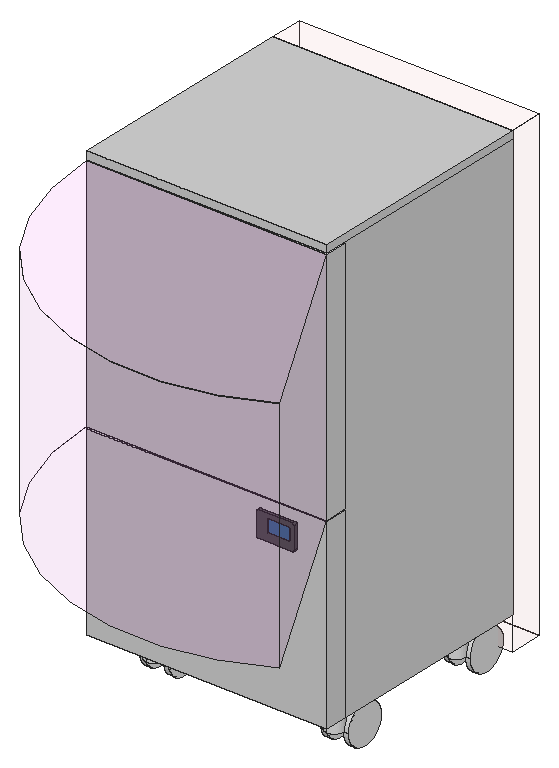
Revit family "Normann_ENTRY_ETR10A-R290", category Attrezzature speciali, Revit 2021
Family settings
  Quota connettore circolare = Usa diametro
  Tipo di parte = Normale
  Basato su piano di lavoro = No
  Sempre verticale = Sì
  Taglio con vuoti quando caricato = No
  Condiviso = No
  Punto di calcolo locali = No
Parameters (values of type "ENTRY10 AIR, R290, 220-240/1N/50, EVJ805, RHH, WHEELS")
  Yield per shock freezing cycle test time (EN22042) - min = 264
  Yield per shock freezing cycle energy consumed (EN22042) - kWh/kg = 0.286
  Yield per shock freezing cycle consuption (EN22042) - kWh = 4
  Yield per shock freezing cycle +65/-18°C (EN22042) - kg = 17
  Yield per shock freezing cycle (+90/-18°C) - kg = 22
  Yield per blast chiling cycle test time (EN22042) - min = 96
  Yield per blast chiling cycle energy consumed (EN22042) - kWh/kg = 0.099
  Yield per blast chiling cycle consumption (EN22042) - kWh = 2
  Yield per blast chiling cycle +65/+10°C (EN22042) - kg = 27
  Yield per blast chiling cycle (+90°C/+3°C) - kg = 32
  Wheel_Feet = yes
  Wheel = Wheel_Feet  # yes
  URL Manufacturer = "https://www.normann.it"
  Tray quantity GN2/3 h65mm = 0
  Tray quantity EN1-GN1/1 h65mm = 0
  Tray quantity EN1-GN1/1 h40mm = 0
  Tray quantity EN1-GN1/1 h20mm = 0
  Tray number = 10
  Tray Type = "GN1/1 e EN1"
  Temperature range - °C = "-40/+3"
  Suction line diameter - mm = 0 mm
  Show_Clearance [instance] = yes
  Refrigeration Climate Class = 4
  Refrigerant gas = "R290"
  Default Elevation = 0 mm
  built-in parameter 1010108 = ""
  Power Supply (Volts/Ph/Hz) = "220-240/1N/50"
  Packing volume - m3 = 0.9
  Packaging length actual - mm = 730 mm
  Packaging height actual - mm = 1555 mm
  Packaging depth actual - mm = 755 mm
  Optional = "CORE PROBE"
  Net Weight kg = 124
  Model Series = "Entry"
  Model Category = "Blast chiller reach-in"
  Max power warm cycle - W = 0
  Max power cold cycle - W = 1531
  Max current warm cycle - A = 0
  Max current cold cycle - A = 6.13
  Mat_Grid = Acciaio inox, spazzolato
  Mat_Frame = Acciaio inox, spazzolato
  Manufacturer = "Normann"
  Liquid line diameter - mm = 0 mm
  Length Actual = 715 mm
  Internal length actual - mm = 615 mm
  Internal height actual - mm = 775 mm
  Internal depth actual - mm = 417 mm
  Ice cream pan 5l quantity (360x165x120mm) = 15
  ID = "5A1D1D3B1-10A2D"
  Height_Door = 710 mm
  Height_Feet_Actual = if(Wheel_Feet, 100 mm, H_Feet_Limits)  # 100 mm
  Height Actual = 1396 mm
  H_Feet_Limits = if(Height_Feet_100to160 < 100 mm, 100 mm, if(Height_Feet_100to160 > 160 mm, 160 mm, Height_Feet_100to160))  # 125 mm
  Gross Weight kg = 139
  GWP = 3
  Feet = not(Wheel_Feet)  # no
  Door_SX = not(Door Side R_L)  # yes
  Door_DX = Door Side R_L  # no
  OffSet_Display = 68 mm
  Height_Feet_100to160 = 125 mm
  Door Side R_L = no
  Depth Body = 695 mm
  Depth Actual = 695 mm
  Controller = "EVJ805"
  Condensation = "AIR"
  Capacity internal - L = 199
  Asset Identifier = "ETR10A-R290"
Reference planes
  plane 1 "Retro": y = 0
  plane 2: z = 0
  plane 3 "Sinistra": x = 0
  plane 4: x = 202.5
  plane 5: x = 357.5
  plane 6: x = 512.5
  plane 7: x = 715
  plane 8: x = 88
  plane 9: x = 627
  plane 10: y = -100
  plane 11: y = -347.5
  plane 12: y = -555
  plane 13: y = -625
  plane 14: y = -695
  plane 15: y = -695
  plane 16: z = 100
  plane 17: z = 1373
  plane 18: z = 585
  plane 19: z = 1396
  plane 20: z = 1368
  plane 21: z = 653
  plane 22: z = 658
  plane 23: z = 36
  plane 24: y = 100
  plane 25 "Linee di taglio": y = -705
Forms (mm)
  Extrusion 1, solid, material "Acciaio inox, spazzolato" <- "Mat_Frame"
    sketch origin (0, 0, 0) x (1, 0, 0) y (0, 1, 0)
      loop
        line (0, 0) -> (0, -695) -> (715, -695) -> (715, 0) -> (0, 0)
    from 1373 to 1396
  Extrusion 2, solid, material "Acciaio inox, spazzolato" <- "Mat_Frame"
    sketch origin (0, 0, 0) x (1, 0, 0) y (0, 1, 0)
      loop
        line (0, 0) -> (0, -625) -> (715, -625) -> (715, 0) -> (0, 0)
    from 100 to 1373
  Extrusion 3, solid, material "Acciaio inox, spazzolato" <- "Mat_Grid"
    sketch origin (0, 0, 0) x (1, 0, 0) y (0, 1, 0)
      loop
        line (0, -625) -> (0, -695) -> (715, -695) -> (715, -625) -> (0, -625)
    from 100 to 653
  Extrusion 4, solid, material "Acciaio inox, spazzolato" <- "Mat_Frame"
    sketch origin (0, 0, 0) x (1, 0, 0) y (0, 1, 0)
      loop
        line (0, -625) -> (0, -695) -> (715, -695) -> (715, -625) -> (0, -625)
    from 658 to 1368
  Extrusion 5, solid, material "Acciaio inox, spazzolato" <- "Mat_Frame"
    sketch origin (0, 0, 0) x (1, 0, 0) y (0, 1, 0)
      loop
        line (202.5, -100) -> (202.5, -555) -> (512.5, -555) -> (512.5, -100) -> (202.5, -100)
    from 36 to 100
  Extrusion 6, solid, material "QF_Finishes_Clearance", visible <- "Show_Clearance"
    sketch origin (0, 0, 0) x (1, 0, 0) y (0, 1, 0)
      loop
        line (0, 100) -> (0, 0) -> (715, 0) -> (715, 100) -> (0, 100)
    from 0 to 1396
  Extrusion 7, solid, material "Acciaio inox, spazzolato" <- "Mat_Frame"
    sketch origin (0, 0, 0) x (1, 0, 0) y (0, 0, 1)
      loop
        line (88, 130) -> (88, 160) -> (58, 160) -> (58, 130) -> (88, 130)
    from -1.043 to 0
  Extrusion 8, solid, material "Acciaio inox, spazzolato" <- "Mat_Frame"
    sketch origin (0, 0, 0) x (1, 0, 0) y (0, 0, 1)
      loop
        circle (627, 154.579) r 10
    from -6.778 to 0
Dimensions and locks
  equal spacing: plane 14, plane 11, plane 1 "Retro"
  "Depth Body": plane 14 to plane 1 "Retro"
  equal spacing: plane 3 "Sinistra", plane 5, plane 7
  "Length Actual": plane 3 "Sinistra" to plane 7
  locked: plane 3 "Sinistra" to plane 8 at 88
  locked: plane 9 to plane 7 at 88
  plane 4 to plane 5 to plane 6 = 155 mm locked, 155 mm locked
  plane 10 to plane 1 "Retro" = 100 mm
  plane 12 to plane 13 to plane 14 = 70 mm locked, 70 mm locked
  "Depth Actual": plane 15 to plane 1 "Retro"
  "Height Actual": plane 2 to plane 19
  locked: plane 17 to plane 19 at 23
  locked: plane 20 to plane 17 at 5
  "OffSet_Display": plane 21 to plane 18
  "Height_Feet_Actual": plane 2 to plane 16
  plane 16 to plane 21 = 553 mm
  locked: plane 21 to plane 22 at 5
  locked: plane 23 to plane 16 at 64
  locked: plane 1 "Retro" to plane 24 at 100
  "Height_Door": plane 20 to plane 22
  locked: plane 25 "Linee di taglio" to nested 7 at 10
  aligned and locked: level to plane 2
  aligned and locked: plane 1 "Retro" to Extrusion 1 sketch curve
  aligned and locked: plane 3 "Sinistra" to Extrusion 1 sketch curve
  aligned and locked: plane 7 to Extrusion 1 sketch curve
  aligned and locked: plane 14 to Extrusion 1 sketch curve
  aligned and locked: Extrusion 1 to plane 19
  aligned and locked: plane 17 to Extrusion 1
  aligned and locked: Extrusion 2 sketch curve to Extrusion 1  (x2)
  aligned and locked: Extrusion 2 sketch curve to plane 13
  aligned and locked: plane 7 to Extrusion 2 sketch curve
  aligned and locked: Extrusion 3 sketch curve to Extrusion 2  (x2)
  aligned and locked: plane 14 to Extrusion 3 sketch curve
  aligned and locked: Extrusion 3 sketch curve to Extrusion 1
  aligned and locked: Extrusion 4 sketch curve to Extrusion 2  (x2)
  aligned and locked: Extrusion 4 sketch curve to Extrusion 1  (x2)
  aligned and locked: plane 4 to Extrusion 5 sketch curve
  aligned and locked: Extrusion 5 sketch curve to plane 6
  aligned and locked: Extrusion 2 to plane 17
  aligned and locked: plane 16 to Extrusion 2
  aligned and locked: Extrusion 5 to plane 16
  aligned and locked: plane 20 to Extrusion 4
  aligned and locked: plane 22 to Extrusion 4
  aligned and locked: Extrusion 3 to plane 21
  aligned and locked: plane 16 to Extrusion 3
  aligned and locked: plane 12 to nested 1
  aligned and locked: nested 1 to plane 9
  aligned and locked: nested 3 to plane 12
  aligned and locked: nested 3 to plane 8
  aligned and locked: Extrusion 5 to plane 23
  aligned and locked: Extrusion 6 sketch curve to plane 24
  aligned and locked: Extrusion 6 sketch curve to plane 1 "Retro"
  aligned and locked: Extrusion 6 to plane 19
  aligned and locked: plane 1 "Retro" to Extrusion 7
  aligned and locked: plane 1 "Retro" to Extrusion 8
  aligned and locked: nested 7 to plane 14
  aligned and locked: plane 3 "Sinistra" to nested 7
  aligned and locked: nested 7 to plane 20
  aligned and locked: plane 14 to nested 8
  aligned and locked: nested 8 to plane 7
  aligned and locked: nested 8 to plane 20
  aligned and locked: Extrusion 6 to plane 3 "Sinistra"
  aligned and locked: Extrusion 6 to plane 7
  aligned and locked: nested 2 to plane 9
  aligned and locked: plane 9 to nested 6
  aligned and locked: plane 18 to nested 6
  aligned and locked: plane 18 to nested 5
  aligned and locked: nested 5 to plane 9
Automatic sketch dimensions
  Extrusion 5 sketch curve to plane 12 = 0 mm
  Extrusion 5 sketch curve to plane 10 = 0 mm
  Extrusion 7 sketch curve to plane 8 = 0 mm
  Extrusion 7 sketch curve to plane 8 = 30 mm
  Extrusion 7 sketch curve to plane 16 = 30 mm
  Extrusion 7 sketch curve to Extrusion 7 sketch curve = 30 mm
  Extrusion 8 sketch curve to plane 9 = 0 mm
  Extrusion 8 sketch curve to plane 16 = 54.579 mm
  Extrusion 6 sketch curve to plane 7 = 0 mm
  Extrusion 6 sketch curve to plane 3 "Sinistra" = 0 mm
  radius of Extrusion 8 sketch curve = 10 mm
Nested families
  nested 1: "Feet_Wheel_Norm" at (627, -555, 100) x (0, 1, 0) z (0, 0, -1), Feet <- "Feet", H_Feet <- "Height_Feet_Actual", type ""
    with Wheel yes, H_Wheel 150 mm, H_Feet_Real 100 mm, H_Feet 100 mm, Feet no
  nested 2: "Feet_Wheel_Norm" at (627, -100, 100) x (0, 1, 0) z (0, 0, -1), Feet <- "Feet", H_Feet <- "Height_Feet_Actual", type ""
    with Wheel yes, H_Wheel 150 mm, H_Feet_Real 100 mm, H_Feet 100 mm, Feet no
  nested 3: "Feet_Wheel_Norm" at (88, -555, 100) x (0, 1, 0) z (0, 0, -1), Feet <- "Feet", H_Feet <- "Height_Feet_Actual", type ""
    with Wheel yes, H_Wheel 150 mm, H_Feet_Real 100 mm, H_Feet 100 mm, Feet no
  nested 4: "Feet_Wheel_Norm" at (88, -100, 100) x (0, 1, 0) z (0, 0, -1), Feet <- "Feet", H_Feet <- "Height_Feet_Actual", type ""
    with Wheel yes, H_Wheel 150 mm, H_Feet_Real 100 mm, H_Feet 100 mm, Feet no
  nested 5: "Griglia_Entry_Large" at (-8.883, -695, 642.002) x (1, 0, 0) z (0, -1, 0), type "Griglia_Entry_Large"
  nested 6: "Display_Entry" at (571, -695, 585) x (1, 0, 0) z (0, -1, 0), type "Display_Entry"
  nested 7: "Door_Clearance" at (0, -695, 658), Show_Clearance <- "Show_Clearance", visible <- "Door_DX", W <- "Length Actual", H <- "Height_Door", type ""
    with W 715 mm, Show_Clearance yes, H 710 mm
  nested 8: "Door_Clearance" at (715, -695, 658) x (-1, 0, 0) z (0, 0, 1), W <- "Length Actual", H <- "Height_Door", Show_Clearance <- "Show_Clearance", visible <- "Door_SX", type ""
    with W 715 mm, Show_Clearance yes, H 710 mm
Connectors
  piping at (627, 6.778, 154.579), diameter 20
    settings: on Extrusion 8, index 2, connector inside diameter 609.6 mm, connector length 0 mm, flow factor 0, pipe flow 0.0 L/s, pressure drop 0.0 Pa, fitting loss kfactor 0, connector angle 0.00°, fixture units 0, engagement length 0 mm, angle of deflection 0.00°, flow configuration 0, flow direction 0, fitting loss method 0, system type 29, joint type 0, gender type 0, connector reference index -1, connector utility 0, adjustable connector no, is connector primary yes, connector description "Water connection"
  electrical at (73, 1.043, 145)
    settings: on Extrusion 7, index 3, voltage 0 V, apparent load 0 VA, apparent load phase1 0 VA, apparent load phase2 0 VA, apparent load phase3 0 VA, power factor 1, load classification "Altro", number of poles 1, system type 31, power factor state 1, is connector primary yes, connector utility no, sub classification motor no, connector description "Electrical connection"
Definition of nested family "Feet_Wheel_Norm"
  Parameters (values of type "Feet_Wheel_Norm")
    Wheel [instance] = not(Feet)  # no
    Default Elevation = 1219.2 mm
    Mat_Feet = none
    H_Wheel [instance] = if(Wheel, 150 mm, H_Feet_Real)  # 150 mm
    H_Feet_Real [instance] = if(H_Feet < 100 mm, 100 mm, if(H_Feet > 160 mm, 160 mm, H_Feet))  # 150 mm
    H_Feet [instance] = 150 mm
    Feet [instance] = yes
    D = 55 mm
  Reference planes
    plane 1 "Centro (Fronte/Retro)": y = 0
    plane 2: z = 0
    plane 3 "Centro (Sinistra/Destra)": x = 0
    plane 4: y = 42.5
    plane 5: y = 27.5
    plane 6: y = -27.5
    plane 7: y = -42.5
    plane 8: z = 30
    plane 9: z = 90
    plane 10: z = 125
    plane 11: z = 150
  Forms (mm)
    Extrusion 1, solid
      sketch origin (0, 0, 0) x (1, 0, 0) y (0, 1, 0)
        loop
          line (-1219.2, 1219.2) -> (-1219.2, -1219.2) -> (1219.2, -1219.2) -> (1219.2, 1219.2) -> (-1219.2, 1219.2)
      from 0 to -304.8
    Extrusion 2, solid, material <- "Mat_Feet", visible <- "Feet"
      sketch origin (0, 0, 0) x (1, 0, 0) y (0, 1, 0)
        loop
          circle (0, 0) r 27.3
      from 125 to 150
    Extrusion 3, solid, material <- "Mat_Feet", visible <- "Feet"
      sketch origin (0, 0, 0) x (1, 0, 0) y (0, 1, 0)
        loop
          circle (0, 0) r 31.5
      from 0 to 125
    Extrusion 4, solid, material <- "Mat_Feet", visible <- "Wheel"
      sketch origin (0, 0, 0) x (1, 0, 0) y (0, 1, 0)
        loop
          circle (0, 0) r 27.3
      from 0 to 90
    Extrusion 5, solid, material <- "Mat_Feet", visible <- "Wheel"
      sketch origin (-40.152, 0, 0) x (1, 0, 0) y (0, 0, 1)
        loop
          circle (100.152, 90) r 60
      from 27.5 to 42.5
    Extrusion 6, solid, material <- "Mat_Feet", visible <- "Wheel"
      sketch origin (-40.152, 0, 0) x (1, 0, 0) y (0, 0, -1)
        loop
          circle (100.152, -90) r 60
      from 27.5 to 42.5
  Dimensions and locks
    equal spacing: plane 6, plane 1 "Centro (Fronte/Retro)", plane 5
    locked: plane 5 to plane 4 at 15
    locked: plane 7 to plane 6 at 15
    "D": plane 6 to plane 5
    "H_Wheel": plane 2 to plane 11
    locked: plane 10 to plane 11 at 25
    plane 2 to plane 9 = 90 mm
    locked: plane 8 to plane 9 at 60
    aligned and locked: plane 2 to Extrusion 1
    aligned and locked: level to Extrusion 1
    aligned and locked: Extrusion 3 to plane 10
    aligned and locked: plane 10 to Extrusion 2
    aligned and locked: Extrusion 2 to plane 11
    aligned and locked: Extrusion 4 to plane 2
    aligned and locked: Extrusion 4 to plane 9
    aligned and locked: Extrusion 5 to plane 6
    aligned and locked: plane 7 to Extrusion 5
    aligned and locked: Extrusion 6 to plane 4
    aligned and locked: plane 5 to Extrusion 6
    aligned and locked: plane 3 "Centro (Sinistra/Destra)" to Extrusion 5
    aligned and locked: plane 3 "Centro (Sinistra/Destra)" to Extrusion 6
  Automatic sketch dimensions
    Extrusion 1 sketch curve to Extrusion 1 sketch curve = 2438.4 mm  (x2)
    plane 1 "Centro (Fronte/Retro)" to Extrusion 2 sketch curve = 0 mm
    Extrusion 2 sketch curve to plane 3 "Centro (Sinistra/Destra)" = 0 mm
    plane 1 "Centro (Fronte/Retro)" to Extrusion 3 sketch curve = 0 mm
    Extrusion 3 sketch curve to plane 3 "Centro (Sinistra/Destra)" = 0 mm
    Extrusion 4 sketch curve to Extrusion 4 sketch curve = 0 mm  (x2)
    plane 1 "Centro (Fronte/Retro)" to Extrusion 4 sketch curve = 0 mm
    Extrusion 4 sketch curve to plane 3 "Centro (Sinistra/Destra)" = 0 mm
    Extrusion 4 sketch curve to Extrusion 4 sketch curve = 27.3 mm
    Extrusion 5 sketch curve to plane 9 = 0 mm
    plane 3 "Centro (Sinistra/Destra)" to Extrusion 5 sketch curve = 60 mm
    Extrusion 6 sketch curve to plane 9 = 0 mm
    plane 3 "Centro (Sinistra/Destra)" to Extrusion 6 sketch curve = 60 mm
    radius of Extrusion 2 sketch curve = 27.3 mm
    radius of Extrusion 3 sketch curve = 31.5 mm
    radius of Extrusion 5 sketch curve = 60 mm
    radius of Extrusion 6 sketch curve = 60 mm
Definition of nested family "Display_Entry"
  Parameters (values of type "Display_Entry")
    W = 112 mm
    Default Elevation = 1219.2 mm
    H = 10 mm
    D = 76 mm
  Reference planes
    plane 1 "Centro (Fronte/Retro)": y = 0
    plane 2: z = 0
    plane 3 "Centro (Sinistra/Destra)": x = 0
    plane 4: x = 56
    plane 5: x = -56
    plane 6: y = 38
    plane 7: y = -38
    plane 8: z = 10
    plane 9: z = 8
  Forms (mm)
    Extrusion 1, solid
      sketch origin (0, 0, 0) x (1, 0, 0) y (0, 1, 0)
        loop
          line (-1219.2, 1219.2) -> (-1219.2, -1219.2) -> (1219.2, -1219.2) -> (1219.2, 1219.2) -> (-1219.2, 1219.2)
      from 0 to -304.8
    Extrusion 2, solid
      sketch origin (0, 0, 0) x (1, 0, 0) y (0, 1, 0)
        loop
          arc (-51, 38) -> (-54.536, 36.536) -> (-56, 33) r 5
          line (-56, 33) -> (-56, -33)
          arc (-56, -33) -> (-54.536, -36.536) -> (-51, -38) r 5
          line (-51, -38) -> (51, -38)
          arc (51, -38) -> (54.536, -36.536) -> (56, -33) r 5
          line (56, -33) -> (56, 33)
          arc (56, 33) -> (54.536, 36.536) -> (51, 38) r 5
          line (51, 38) -> (-51, 38)
        loop
          line (-23.475, 24.857) -> (-23.475, -15.143) -> (41.525, -15.143) -> (41.525, 24.857) -> (-23.475, 24.857)
      from 0 to 10
    Extrusion 3, solid
      sketch origin (0, 0, 0) x (1, 0, 0) y (0, 1, 0)
        loop
          line (-23.475, 24.857) -> (-23.475, -15.143) -> (41.525, -15.143) -> (41.525, 24.857) -> (-23.475, 24.857)
      from 0 to 8
  Dimensions and locks
    "W": plane 5 to plane 4
    equal spacing: plane 7, plane 1 "Centro (Fronte/Retro)", plane 6
    "D": plane 7 to plane 6
    equal spacing: plane 5, plane 3 "Centro (Sinistra/Destra)", plane 4
    locked: plane 9 to plane 8 at 2
    "H": plane 2 to plane 8
    aligned and locked: plane 2 to Extrusion 1
    aligned and locked: level to Extrusion 1
    aligned and locked: plane 6 to Extrusion 2 sketch curve
    aligned and locked: Extrusion 2 sketch curve to plane 5
    aligned and locked: plane 7 to Extrusion 2 sketch curve
    aligned and locked: plane 4 to Extrusion 2 sketch curve
    aligned and locked: Extrusion 3 sketch curve to Extrusion 2  (x4)
    aligned and locked: Extrusion 2 to plane 8
    aligned and locked: plane 9 to Extrusion 3
  Automatic sketch dimensions
    Extrusion 1 sketch curve to Extrusion 1 sketch curve = 2438.4 mm  (x2)
    Extrusion 2 sketch curve to plane 5 = 5 mm  (x2)
    Extrusion 2 sketch curve to plane 3 "Centro (Sinistra/Destra)" = 23.475 mm
    plane 4 to Extrusion 2 sketch curve = 14.475 mm
    plane 4 to Extrusion 2 sketch curve = 5 mm  (x2)
    plane 1 "Centro (Fronte/Retro)" to Extrusion 2 sketch curve = 15.143 mm
    Extrusion 2 sketch curve to Extrusion 2 sketch curve = 8.143 mm
Definition of nested family "Door_Clearance"
  Parameters (values of type "Door_Clearance")
    W [instance] = 750 mm
    Show_Clearance [instance] = yes
    Default Elevation = 0 mm
    H [instance] = 464 mm
  Reference planes
    plane 1 "Centro (Fronte/Retro)": y = 0
    plane 2: z = 0
    plane 3 "Centro (Sinistra/Destra)": x = 0
    plane 4: x = 750
    plane 5: z = 464
  Forms (mm)
    Revolve 1, solid, visible <- "Show_Clearance"
      sketch origin (0, 0, 0) x (1, 0, 0) y (0, 0, 1)
        loop
          line (0, 464) -> (0, 0) -> (750, 0) -> (750, 464) -> (0, 464)
        axis (0, 464) -> (0, 0)
      angle from 240 to 360
  Dimensions and locks
    "W": plane 3 "Centro (Sinistra/Destra)" to plane 4
    "H": plane 2 to plane 5
    aligned and locked: level to plane 2
    aligned and locked: plane 2 to Revolve 1
    aligned and locked: Revolve 1 to plane 5
  Automatic sketch dimensions
    Revolve 1 sketch curve to plane 3 "Centro (Sinistra/Destra)" = 0 mm  (x2)
    plane 4 to Revolve 1 sketch curve = 0 mm
    level to Revolve 1 sketch curve = 0 mm
    Revolve 1 sketch curve to Revolve 1 sketch curve = 464 mm
    Revolve 1 sketch curve to Revolve 1 sketch curve = 263.9 mm
    Revolve 1 sketch curve to Revolve 1 sketch curve = 334.115 mm
Definition of nested family "Griglia_Entry_Large"
  Parameters (values of type "Griglia_Entry_Large")
    Default Elevation = 1219.2 mm
  Reference planes
    plane 1 "Centro (Fronte/Retro)": y = 0
    plane 2: z = 0
    plane 3 "Centro (Sinistra/Destra)": x = 0
  Forms (mm)
    Extrusion 1, solid
      sketch origin (0, 0, 0) x (1, 0, 0) y (0, 1, 0)
        loop
          line (-1219.2, 1219.2) -> (-1219.2, -1219.2) -> (1219.2, -1219.2) -> (1219.2, 1219.2) -> (-1219.2, 1219.2)
      from 0 to -304.8
  Lines and regions (mm)
    model lines, detail levels medium+fine
      curve 1: line (229.083, -22.602, 0) -> (259.083, -22.602, 0)
      curve 2: line (229.083, -28.602, 0) -> (229.083, -22.602, 0)
      curve 3: line (259.083, -28.602, 0) -> (229.083, -28.602, 0)
      curve 4: line (259.083, -22.602, 0) -> (259.083, -28.602, 0)
      curve 5: line (229.083, -31.202, 0) -> (259.083, -31.202, 0)
      curve 6: line (229.083, -37.202, 0) -> (229.083, -31.202, 0)
      curve 7: line (259.083, -37.202, 0) -> (229.083, -37.202, 0)
      curve 8: line (259.083, -31.202, 0) -> (259.083, -37.202, 0)
      curve 9: line (229.083, -39.802, 0) -> (259.083, -39.802, 0)
      curve 10: line (229.083, -45.802, 0) -> (229.083, -39.802, 0)
      curve 11: line (259.083, -45.802, 0) -> (229.083, -45.802, 0)
      curve 12: line (259.083, -39.802, 0) -> (259.083, -45.802, 0)
      curve 13: line (229.083, -48.402, 0) -> (259.083, -48.402, 0)
      curve 14: line (229.083, -54.402, 0) -> (229.083, -48.402, 0)
      curve 15: line (259.083, -54.402, 0) -> (229.083, -54.402, 0)
      curve 16: line (259.083, -48.402, 0) -> (259.083, -54.402, 0)
      curve 17: line (229.083, -57.002, 0) -> (259.083, -57.002, 0)
      curve 18: line (229.083, -63.002, 0) -> (229.083, -57.002, 0)
      curve 19: line (259.083, -63.002, 0) -> (229.083, -63.002, 0)
      curve 20: line (259.083, -57.002, 0) -> (259.083, -63.002, 0)
      curve 21: line (229.083, -65.602, 0) -> (259.083, -65.602, 0)
      curve 22: line (229.083, -71.602, 0) -> (229.083, -65.602, 0)
      curve 23: line (259.083, -71.602, 0) -> (229.083, -71.602, 0)
      curve 24: line (259.083, -65.602, 0) -> (259.083, -71.602, 0)
      curve 25: line (229.083, -74.202, 0) -> (259.083, -74.202, 0)
      curve 26: line (229.083, -80.202, 0) -> (229.083, -74.202, 0)
      curve 27: line (259.083, -80.202, 0) -> (229.083, -80.202, 0)
      curve 28: line (259.083, -74.202, 0) -> (259.083, -80.202, 0)
      curve 29: line (229.083, -82.802, 0) -> (259.083, -82.802, 0)
      curve 30: line (229.083, -88.802, 0) -> (229.083, -82.802, 0)
      curve 31: line (259.083, -88.802, 0) -> (229.083, -88.802, 0)
      curve 32: line (259.083, -82.802, 0) -> (259.083, -88.802, 0)
      curve 33: line (229.083, -91.402, 0) -> (259.083, -91.402, 0)
      curve 34: line (229.083, -97.402, 0) -> (229.083, -91.402, 0)
      curve 35: line (259.083, -97.402, 0) -> (229.083, -97.402, 0)
      curve 36: line (259.083, -91.402, 0) -> (259.083, -97.402, 0)
      curve 37: line (229.083, -100.002, 0) -> (259.083, -100.002, 0)
      curve 38: line (229.083, -106.002, 0) -> (229.083, -100.002, 0)
      curve 39: line (259.083, -106.002, 0) -> (229.083, -106.002, 0)
      curve 40: line (259.083, -100.002, 0) -> (259.083, -106.002, 0)
      curve 41: line (229.083, -108.602, 0) -> (259.083, -108.602, 0)
      curve 42: line (229.083, -114.602, 0) -> (229.083, -108.602, 0)
      curve 43: line (259.083, -114.602, 0) -> (229.083, -114.602, 0)
      curve 44: line (259.083, -108.602, 0) -> (259.083, -114.602, 0)
      curve 45: line (229.083, -117.202, 0) -> (259.083, -117.202, 0)
      curve 46: line (229.083, -123.202, 0) -> (229.083, -117.202, 0)
      curve 47: line (259.083, -123.202, 0) -> (229.083, -123.202, 0)
      curve 48: line (259.083, -117.202, 0) -> (259.083, -123.202, 0)
      curve 49: line (229.083, -125.802, 0) -> (259.083, -125.802, 0)
      curve 50: line (229.083, -131.802, 0) -> (229.083, -125.802, 0)
      curve 51: line (259.083, -131.802, 0) -> (229.083, -131.802, 0)
      curve 52: line (259.083, -125.802, 0) -> (259.083, -131.802, 0)
      curve 53: line (229.083, -134.402, 0) -> (259.083, -134.402, 0)
      curve 54: line (229.083, -140.402, 0) -> (229.083, -134.402, 0)
      curve 55: line (259.083, -140.402, 0) -> (229.083, -140.402, 0)
      curve 56: line (259.083, -134.402, 0) -> (259.083, -140.402, 0)
      curve 57: line (229.083, -143.002, 0) -> (259.083, -143.002, 0)
      curve 58: line (229.083, -149.002, 0) -> (229.083, -143.002, 0)
      curve 59: line (259.083, -149.002, 0) -> (229.083, -149.002, 0)
      curve 60: line (259.083, -143.002, 0) -> (259.083, -149.002, 0)
      curve 61: line (229.083, -151.602, 0) -> (259.083, -151.602, 0)
      curve 62: line (229.083, -157.602, 0) -> (229.083, -151.602, 0)
      curve 63: line (259.083, -157.602, 0) -> (229.083, -157.602, 0)
      curve 64: line (259.083, -151.602, 0) -> (259.083, -157.602, 0)
      curve 65: line (229.083, -160.202, 0) -> (259.083, -160.202, 0)
      curve 66: line (229.083, -166.202, 0) -> (229.083, -160.202, 0)
      curve 67: line (259.083, -166.202, 0) -> (229.083, -166.202, 0)
      curve 68: line (259.083, -160.202, 0) -> (259.083, -166.202, 0)
      curve 69: line (229.083, -168.802, 0) -> (259.083, -168.802, 0)
      curve 70: line (229.083, -174.802, 0) -> (229.083, -168.802, 0)
      curve 71: line (259.083, -174.802, 0) -> (229.083, -174.802, 0)
      curve 72: line (259.083, -168.802, 0) -> (259.083, -174.802, 0)
      curve 73: line (229.083, -177.402, 0) -> (259.083, -177.402, 0)
      curve 74: line (229.083, -183.402, 0) -> (229.083, -177.402, 0)
      curve 75: line (259.083, -183.402, 0) -> (229.083, -183.402, 0)
      curve 76: line (259.083, -177.402, 0) -> (259.083, -183.402, 0)
      curve 77: line (229.083, -186.002, 0) -> (259.083, -186.002, 0)
      curve 78: line (229.083, -192.002, 0) -> (229.083, -186.002, 0)
      curve 79: line (259.083, -192.002, 0) -> (229.083, -192.002, 0)
      curve 80: line (259.083, -186.002, 0) -> (259.083, -192.002, 0)
      curve 81: line (229.083, -194.602, 0) -> (259.083, -194.602, 0)
      curve 82: line (229.083, -200.602, 0) -> (229.083, -194.602, 0)
      curve 83: line (259.083, -200.602, 0) -> (229.083, -200.602, 0)
      curve 84: line (259.083, -194.602, 0) -> (259.083, -200.602, 0)
      curve 85: line (229.083, -203.202, 0) -> (259.083, -203.202, 0)
      curve 86: line (229.083, -209.202, 0) -> (229.083, -203.202, 0)
      curve 87: line (259.083, -209.202, 0) -> (229.083, -209.202, 0)
      curve 88: line (259.083, -203.202, 0) -> (259.083, -209.202, 0)
      curve 89: line (229.083, -211.802, 0) -> (259.083, -211.802, 0)
      curve 90: line (229.083, -217.802, 0) -> (229.083, -211.802, 0)
      curve 91: line (259.083, -217.802, 0) -> (229.083, -217.802, 0)
      curve 92: line (259.083, -211.802, 0) -> (259.083, -217.802, 0)
      curve 93: line (229.083, -220.402, 0) -> (259.083, -220.402, 0)
      curve 94: line (229.083, -226.402, 0) -> (229.083, -220.402, 0)
      curve 95: line (259.083, -226.402, 0) -> (229.083, -226.402, 0)
      curve 96: line (259.083, -220.402, 0) -> (259.083, -226.402, 0)
      curve 97: line (229.083, -229.002, 0) -> (259.083, -229.002, 0)
      curve 98: line (229.083, -235.002, 0) -> (229.083, -229.002, 0)
      curve 99: line (259.083, -235.002, 0) -> (229.083, -235.002, 0)
      curve 100: line (259.083, -229.002, 0) -> (259.083, -235.002, 0)
      curve 101: line (229.083, -237.602, 0) -> (259.083, -237.602, 0)
      curve 102: line (229.083, -243.602, 0) -> (229.083, -237.602, 0)
      curve 103: line (259.083, -243.602, 0) -> (229.083, -243.602, 0)
      curve 104: line (259.083, -237.602, 0) -> (259.083, -243.602, 0)
      curve 105: line (229.083, -246.202, 0) -> (259.083, -246.202, 0)
      curve 106: line (229.083, -252.202, 0) -> (229.083, -246.202, 0)
      curve 107: line (259.083, -252.202, 0) -> (229.083, -252.202, 0)
      curve 108: line (259.083, -246.202, 0) -> (259.083, -252.202, 0)
      curve 109: line (229.083, -254.802, 0) -> (259.083, -254.802, 0)
      curve 110: line (229.083, -260.802, 0) -> (229.083, -254.802, 0)
      curve 111: line (259.083, -260.802, 0) -> (229.083, -260.802, 0)
      curve 112: line (259.083, -254.802, 0) -> (259.083, -260.802, 0)
      curve 113: line (229.083, -263.402, 0) -> (259.083, -263.402, 0)
      curve 114: line (229.083, -269.402, 0) -> (229.083, -263.402, 0)
      curve 115: line (259.083, -269.402, 0) -> (229.083, -269.402, 0)
      curve 116: line (259.083, -263.402, 0) -> (259.083, -269.402, 0)
      curve 117: line (229.083, -272.002, 0) -> (259.083, -272.002, 0)
      curve 118: line (229.083, -278.002, 0) -> (229.083, -272.002, 0)
      curve 119: line (259.083, -278.002, 0) -> (229.083, -278.002, 0)
      curve 120: line (259.083, -272.002, 0) -> (259.083, -278.002, 0)
      curve 121: line (229.083, -280.602, 0) -> (259.083, -280.602, 0)
      curve 122: line (229.083, -286.602, 0) -> (229.083, -280.602, 0)
      curve 123: line (259.083, -286.602, 0) -> (229.083, -286.602, 0)
      curve 124: line (259.083, -280.602, 0) -> (259.083, -286.602, 0)
      curve 125: line (229.083, -289.202, 0) -> (259.083, -289.202, 0)
      curve 126: line (229.083, -295.202, 0) -> (229.083, -289.202, 0)
      curve 127: line (259.083, -295.202, 0) -> (229.083, -295.202, 0)
      curve 128: line (259.083, -289.202, 0) -> (259.083, -295.202, 0)
      curve 129: line (229.083, -297.802, 0) -> (259.083, -297.802, 0)
      curve 130: line (229.083, -303.802, 0) -> (229.083, -297.802, 0)
      curve 131: line (259.083, -303.802, 0) -> (229.083, -303.802, 0)
      curve 132: line (259.083, -297.802, 0) -> (259.083, -303.802, 0)
      curve 133: line (229.083, -306.402, 0) -> (259.083, -306.402, 0)
      curve 134: line (229.083, -312.402, 0) -> (229.083, -306.402, 0)
      curve 135: line (259.083, -312.402, 0) -> (229.083, -312.402, 0)
      curve 136: line (259.083, -306.402, 0) -> (259.083, -312.402, 0)
      curve 137: line (229.083, -315.002, 0) -> (259.083, -315.002, 0)
      curve 138: line (229.083, -321.002, 0) -> (229.083, -315.002, 0)
      curve 139: line (259.083, -321.002, 0) -> (229.083, -321.002, 0)
      curve 140: line (259.083, -315.002, 0) -> (259.083, -321.002, 0)
      curve 141: line (229.083, -323.602, 0) -> (259.083, -323.602, 0)
      curve 142: line (229.083, -329.602, 0) -> (229.083, -323.602, 0)
      curve 143: line (259.083, -329.602, 0) -> (229.083, -329.602, 0)
      curve 144: line (259.083, -323.602, 0) -> (259.083, -329.602, 0)
      curve 145: line (229.083, -332.202, 0) -> (259.083, -332.202, 0)
      curve 146: line (229.083, -338.202, 0) -> (229.083, -332.202, 0)
      curve 147: line (259.083, -338.202, 0) -> (229.083, -338.202, 0)
      curve 148: line (259.083, -332.202, 0) -> (259.083, -338.202, 0)
      curve 149: line (229.083, -340.802, 0) -> (259.083, -340.802, 0)
      curve 150: line (229.083, -346.802, 0) -> (229.083, -340.802, 0)
      curve 151: line (259.083, -346.802, 0) -> (229.083, -346.802, 0)
      curve 152: line (259.083, -340.802, 0) -> (259.083, -346.802, 0)
      curve 153: line (229.083, -349.402, 0) -> (259.083, -349.402, 0)
      curve 154: line (229.083, -355.402, 0) -> (229.083, -349.402, 0)
      curve 155: line (259.083, -355.402, 0) -> (229.083, -355.402, 0)
      curve 156: line (259.083, -349.402, 0) -> (259.083, -355.402, 0)
      curve 157: line (229.083, -358.002, 0) -> (259.083, -358.002, 0)
      curve 158: line (229.083, -364.002, 0) -> (229.083, -358.002, 0)
      curve 159: line (259.083, -364.002, 0) -> (229.083, -364.002, 0)
      curve 160: line (259.083, -358.002, 0) -> (259.083, -364.002, 0)
      curve 161: line (229.083, -366.602, 0) -> (259.083, -366.602, 0)
      curve 162: line (229.083, -372.602, 0) -> (229.083, -366.602, 0)
      curve 163: line (259.083, -372.602, 0) -> (229.083, -372.602, 0)
      curve 164: line (259.083, -366.602, 0) -> (259.083, -372.602, 0)
      curve 165: line (229.083, -375.202, 0) -> (259.083, -375.202, 0)
      curve 166: line (229.083, -381.202, 0) -> (229.083, -375.202, 0)
      curve 167: line (259.083, -381.202, 0) -> (229.083, -381.202, 0)
      curve 168: line (259.083, -375.202, 0) -> (259.083, -381.202, 0)
      curve 169: line (229.083, -383.802, 0) -> (259.083, -383.802, 0)
      curve 170: line (229.083, -389.802, 0) -> (229.083, -383.802, 0)
      curve 171: line (259.083, -389.802, 0) -> (229.083, -389.802, 0)
      curve 172: line (259.083, -383.802, 0) -> (259.083, -389.802, 0)
      curve 173: line (229.083, -392.402, 0) -> (259.083, -392.402, 0)
      curve 174: line (229.083, -398.402, 0) -> (229.083, -392.402, 0)
      curve 175: line (259.083, -398.402, 0) -> (229.083, -398.402, 0)
      curve 176: line (259.083, -392.402, 0) -> (259.083, -398.402, 0)
      curve 177: line (229.083, -401.002, 0) -> (259.083, -401.002, 0)
      curve 178: line (229.083, -407.002, 0) -> (229.083, -401.002, 0)
      curve 179: line (259.083, -407.002, 0) -> (229.083, -407.002, 0)
      curve 180: line (259.083, -401.002, 0) -> (259.083, -407.002, 0)
      curve 181: line (229.083, -409.602, 0) -> (259.083, -409.602, 0)
      curve 182: line (229.083, -415.602, 0) -> (229.083, -409.602, 0)
      curve 183: line (259.083, -415.602, 0) -> (229.083, -415.602, 0)
      curve 184: line (259.083, -409.602, 0) -> (259.083, -415.602, 0)
      curve 185: line (229.083, -418.202, 0) -> (259.083, -418.202, 0)
      curve 186: line (229.083, -424.202, 0) -> (229.083, -418.202, 0)
      curve 187: line (259.083, -424.202, 0) -> (229.083, -424.202, 0)
      curve 188: line (259.083, -418.202, 0) -> (259.083, -424.202, 0)
      curve 189: line (229.083, -426.802, 0) -> (259.083, -426.802, 0)
      curve 190: line (229.083, -432.802, 0) -> (229.083, -426.802, 0)
      curve 191: line (259.083, -432.802, 0) -> (229.083, -432.802, 0)
      curve 192: line (259.083, -426.802, 0) -> (259.083, -432.802, 0)
      curve 193: line (229.083, -435.402, 0) -> (259.083, -435.402, 0)
      curve 194: line (229.083, -441.402, 0) -> (229.083, -435.402, 0)
      curve 195: line (259.083, -441.402, 0) -> (229.083, -441.402, 0)
      curve 196: line (259.083, -435.402, 0) -> (259.083, -441.402, 0)
      curve 197: line (229.083, -444.002, 0) -> (259.083, -444.002, 0)
      curve 198: line (229.083, -450.002, 0) -> (229.083, -444.002, 0)
      curve 199: line (259.083, -450.002, 0) -> (229.083, -450.002, 0)
      curve 200: line (259.083, -444.002, 0) -> (259.083, -450.002, 0)
      curve 201: line (229.083, -452.602, 0) -> (259.083, -452.602, 0)
      curve 202: line (229.083, -458.602, 0) -> (229.083, -452.602, 0)
      curve 203: line (259.083, -458.602, 0) -> (229.083, -458.602, 0)
      curve 204: line (259.083, -452.602, 0) -> (259.083, -458.602, 0)
      curve 205: line (229.083, -461.202, 0) -> (259.083, -461.202, 0)
      curve 206: line (229.083, -467.202, 0) -> (229.083, -461.202, 0)
      curve 207: line (259.083, -467.202, 0) -> (229.083, -467.202, 0)
      curve 208: line (259.083, -461.202, 0) -> (259.083, -467.202, 0)
      curve 209: line (229.083, -469.802, 0) -> (259.083, -469.802, 0)
      curve 210: line (229.083, -475.802, 0) -> (229.083, -469.802, 0)
      curve 211: line (259.083, -475.802, 0) -> (229.083, -475.802, 0)
      curve 212: line (259.083, -469.802, 0) -> (259.083, -475.802, 0)
      curve 213: line (229.083, -478.402, 0) -> (259.083, -478.402, 0)
      curve 214: line (229.083, -484.402, 0) -> (229.083, -478.402, 0)
      curve 215: line (259.083, -484.402, 0) -> (229.083, -484.402, 0)
      curve 216: line (259.083, -478.402, 0) -> (259.083, -484.402, 0)
      curve 217: line (229.083, -487.002, 0) -> (259.083, -487.002, 0)
      curve 218: line (229.083, -493.002, 0) -> (229.083, -487.002, 0)
      curve 219: line (259.083, -493.002, 0) -> (229.083, -493.002, 0)
      curve 220: line (259.083, -487.002, 0) -> (259.083, -493.002, 0)
      curve 221: line (78.458, -22.602, 0) -> (108.458, -22.602, 0)
      curve 222: line (78.458, -28.602, 0) -> (78.458, -22.602, 0)
      curve 223: line (108.458, -28.602, 0) -> (78.458, -28.602, 0)
      curve 224: line (108.458, -22.602, 0) -> (108.458, -28.602, 0)
      curve 225: line (153.458, -22.602, 0) -> (183.458, -22.602, 0)
      curve 226: line (153.458, -28.602, 0) -> (153.458, -22.602, 0)
      curve 227: line (183.458, -28.602, 0) -> (153.458, -28.602, 0)
      curve 228: line (183.458, -22.602, 0) -> (183.458, -28.602, 0)
      curve 229: line (304.683, -22.602, 0) -> (334.683, -22.602, 0)
      curve 230: line (304.683, -28.602, 0) -> (304.683, -22.602, 0)
      curve 231: line (334.683, -28.602, 0) -> (304.683, -28.602, 0)
      curve 232: line (334.683, -22.602, 0) -> (334.683, -28.602, 0)
      curve 233: line (380.283, -22.602, 0) -> (410.283, -22.602, 0)
      curve 234: line (380.283, -28.602, 0) -> (380.283, -22.602, 0)
      curve 235: line (410.283, -28.602, 0) -> (380.283, -28.602, 0)
      curve 236: line (410.283, -22.602, 0) -> (410.283, -28.602, 0)
      curve 237: line (455.883, -125.802, 0) -> (485.883, -125.802, 0)
      curve 238: line (455.883, -131.802, 0) -> (455.883, -125.802, 0)
      curve 239: line (485.883, -131.802, 0) -> (455.883, -131.802, 0)
      curve 240: line (485.883, -125.802, 0) -> (485.883, -131.802, 0)
      curve 241: line (530.883, -125.802, 0) -> (560.883, -125.802, 0)
      curve 242: line (530.883, -131.802, 0) -> (530.883, -125.802, 0)
      curve 243: line (560.883, -131.802, 0) -> (530.883, -131.802, 0)
      curve 244: line (560.883, -125.802, 0) -> (560.883, -131.802, 0)
      curve 245: line (605.883, -125.802, 0) -> (635.883, -125.802, 0)
      curve 246: line (605.883, -131.802, 0) -> (605.883, -125.802, 0)
      curve 247: line (635.883, -131.802, 0) -> (605.883, -131.802, 0)
      curve 248: line (635.883, -125.802, 0) -> (635.883, -131.802, 0)
      curve 249: line (78.458, -31.202, 0) -> (108.458, -31.202, 0)
      curve 250: line (78.458, -37.202, 0) -> (78.458, -31.202, 0)
      curve 251: line (108.458, -37.202, 0) -> (78.458, -37.202, 0)
      curve 252: line (108.458, -31.202, 0) -> (108.458, -37.202, 0)
      curve 253: line (78.458, -39.802, 0) -> (108.458, -39.802, 0)
      curve 254: line (78.458, -45.802, 0) -> (78.458, -39.802, 0)
      curve 255: line (108.458, -45.802, 0) -> (78.458, -45.802, 0)
      curve 256: line (108.458, -39.802, 0) -> (108.458, -45.802, 0)
      curve 257: line (78.458, -48.402, 0) -> (108.458, -48.402, 0)
      curve 258: line (78.458, -54.402, 0) -> (78.458, -48.402, 0)
      curve 259: line (108.458, -54.402, 0) -> (78.458, -54.402, 0)
      curve 260: line (108.458, -48.402, 0) -> (108.458, -54.402, 0)
      curve 261: line (78.458, -57.002, 0) -> (108.458, -57.002, 0)
      curve 262: line (78.458, -63.002, 0) -> (78.458, -57.002, 0)
      curve 263: line (108.458, -63.002, 0) -> (78.458, -63.002, 0)
      curve 264: line (108.458, -57.002, 0) -> (108.458, -63.002, 0)
      curve 265: line (78.458, -65.602, 0) -> (108.458, -65.602, 0)
      curve 266: line (78.458, -71.602, 0) -> (78.458, -65.602, 0)
      curve 267: line (108.458, -71.602, 0) -> (78.458, -71.602, 0)
      curve 268: line (108.458, -65.602, 0) -> (108.458, -71.602, 0)
      curve 269: line (78.458, -74.202, 0) -> (108.458, -74.202, 0)
      curve 270: line (78.458, -80.202, 0) -> (78.458, -74.202, 0)
      curve 271: line (108.458, -80.202, 0) -> (78.458, -80.202, 0)
      curve 272: line (108.458, -74.202, 0) -> (108.458, -80.202, 0)
      curve 273: line (78.458, -82.802, 0) -> (108.458, -82.802, 0)
      curve 274: line (78.458, -88.802, 0) -> (78.458, -82.802, 0)
      curve 275: line (108.458, -88.802, 0) -> (78.458, -88.802, 0)
      curve 276: line (108.458, -82.802, 0) -> (108.458, -88.802, 0)
      curve 277: line (78.458, -91.402, 0) -> (108.458, -91.402, 0)
      curve 278: line (78.458, -97.402, 0) -> (78.458, -91.402, 0)
      curve 279: line (108.458, -97.402, 0) -> (78.458, -97.402, 0)
      curve 280: line (108.458, -91.402, 0) -> (108.458, -97.402, 0)
      curve 281: line (78.458, -100.002, 0) -> (108.458, -100.002, 0)
      curve 282: line (78.458, -106.002, 0) -> (78.458, -100.002, 0)
      curve 283: line (108.458, -106.002, 0) -> (78.458, -106.002, 0)
      curve 284: line (108.458, -100.002, 0) -> (108.458, -106.002, 0)
      curve 285: line (78.458, -108.602, 0) -> (108.458, -108.602, 0)
      curve 286: line (78.458, -114.602, 0) -> (78.458, -108.602, 0)
      curve 287: line (108.458, -114.602, 0) -> (78.458, -114.602, 0)
      curve 288: line (108.458, -108.602, 0) -> (108.458, -114.602, 0)
      curve 289: line (78.458, -117.202, 0) -> (108.458, -117.202, 0)
      curve 290: line (78.458, -123.202, 0) -> (78.458, -117.202, 0)
      curve 291: line (108.458, -123.202, 0) -> (78.458, -123.202, 0)
      curve 292: line (108.458, -117.202, 0) -> (108.458, -123.202, 0)
      curve 293: line (78.458, -125.802, 0) -> (108.458, -125.802, 0)
      curve 294: line (78.458, -131.802, 0) -> (78.458, -125.802, 0)
      curve 295: line (108.458, -131.802, 0) -> (78.458, -131.802, 0)
      curve 296: line (108.458, -125.802, 0) -> (108.458, -131.802, 0)
      curve 297: line (78.458, -134.402, 0) -> (108.458, -134.402, 0)
      curve 298: line (78.458, -140.402, 0) -> (78.458, -134.402, 0)
      curve 299: line (108.458, -140.402, 0) -> (78.458, -140.402, 0)
      curve 300: line (108.458, -134.402, 0) -> (108.458, -140.402, 0)
      curve 301: line (78.458, -143.002, 0) -> (108.458, -143.002, 0)
      curve 302: line (78.458, -149.002, 0) -> (78.458, -143.002, 0)
      curve 303: line (108.458, -149.002, 0) -> (78.458, -149.002, 0)
      curve 304: line (108.458, -143.002, 0) -> (108.458, -149.002, 0)
      curve 305: line (78.458, -151.602, 0) -> (108.458, -151.602, 0)
      curve 306: line (78.458, -157.602, 0) -> (78.458, -151.602, 0)
      curve 307: line (108.458, -157.602, 0) -> (78.458, -157.602, 0)
      curve 308: line (108.458, -151.602, 0) -> (108.458, -157.602, 0)
      curve 309: line (78.458, -160.202, 0) -> (108.458, -160.202, 0)
      curve 310: line (78.458, -166.202, 0) -> (78.458, -160.202, 0)
      curve 311: line (108.458, -166.202, 0) -> (78.458, -166.202, 0)
      curve 312: line (108.458, -160.202, 0) -> (108.458, -166.202, 0)
      curve 313: line (78.458, -168.802, 0) -> (108.458, -168.802, 0)
      curve 314: line (78.458, -174.802, 0) -> (78.458, -168.802, 0)
      curve 315: line (108.458, -174.802, 0) -> (78.458, -174.802, 0)
      curve 316: line (108.458, -168.802, 0) -> (108.458, -174.802, 0)
      curve 317: line (78.458, -177.402, 0) -> (108.458, -177.402, 0)
      curve 318: line (78.458, -183.402, 0) -> (78.458, -177.402, 0)
      curve 319: line (108.458, -183.402, 0) -> (78.458, -183.402, 0)
      curve 320: line (108.458, -177.402, 0) -> (108.458, -183.402, 0)
      curve 321: line (78.458, -186.002, 0) -> (108.458, -186.002, 0)
      curve 322: line (78.458, -192.002, 0) -> (78.458, -186.002, 0)
      curve 323: line (108.458, -192.002, 0) -> (78.458, -192.002, 0)
      curve 324: line (108.458, -186.002, 0) -> (108.458, -192.002, 0)
      curve 325: line (78.458, -194.602, 0) -> (108.458, -194.602, 0)
      curve 326: line (78.458, -200.602, 0) -> (78.458, -194.602, 0)
      curve 327: line (108.458, -200.602, 0) -> (78.458, -200.602, 0)
      curve 328: line (108.458, -194.602, 0) -> (108.458, -200.602, 0)
      curve 329: line (78.458, -203.202, 0) -> (108.458, -203.202, 0)
      curve 330: line (78.458, -209.202, 0) -> (78.458, -203.202, 0)
      curve 331: line (108.458, -209.202, 0) -> (78.458, -209.202, 0)
      curve 332: line (108.458, -203.202, 0) -> (108.458, -209.202, 0)
      curve 333: line (78.458, -211.802, 0) -> (108.458, -211.802, 0)
      curve 334: line (78.458, -217.802, 0) -> (78.458, -211.802, 0)
      curve 335: line (108.458, -217.802, 0) -> (78.458, -217.802, 0)
      curve 336: line (108.458, -211.802, 0) -> (108.458, -217.802, 0)
      curve 337: line (78.458, -220.402, 0) -> (108.458, -220.402, 0)
      curve 338: line (78.458, -226.402, 0) -> (78.458, -220.402, 0)
      curve 339: line (108.458, -226.402, 0) -> (78.458, -226.402, 0)
      curve 340: line (108.458, -220.402, 0) -> (108.458, -226.402, 0)
      curve 341: line (78.458, -229.002, 0) -> (108.458, -229.002, 0)
      curve 342: line (78.458, -235.002, 0) -> (78.458, -229.002, 0)
      curve 343: line (108.458, -235.002, 0) -> (78.458, -235.002, 0)
      curve 344: line (108.458, -229.002, 0) -> (108.458, -235.002, 0)
      curve 345: line (78.458, -237.602, 0) -> (108.458, -237.602, 0)
      curve 346: line (78.458, -243.602, 0) -> (78.458, -237.602, 0)
      curve 347: line (108.458, -243.602, 0) -> (78.458, -243.602, 0)
      curve 348: line (108.458, -237.602, 0) -> (108.458, -243.602, 0)
      curve 349: line (78.458, -246.202, 0) -> (108.458, -246.202, 0)
      curve 350: line (78.458, -252.202, 0) -> (78.458, -246.202, 0)
      curve 351: line (108.458, -252.202, 0) -> (78.458, -252.202, 0)
      curve 352: line (108.458, -246.202, 0) -> (108.458, -252.202, 0)
      curve 353: line (78.458, -254.802, 0) -> (108.458, -254.802, 0)
      curve 354: line (78.458, -260.802, 0) -> (78.458, -254.802, 0)
      curve 355: line (108.458, -260.802, 0) -> (78.458, -260.802, 0)
      curve 356: line (108.458, -254.802, 0) -> (108.458, -260.802, 0)
      curve 357: line (78.458, -263.402, 0) -> (108.458, -263.402, 0)
      curve 358: line (78.458, -269.402, 0) -> (78.458, -263.402, 0)
      curve 359: line (108.458, -269.402, 0) -> (78.458, -269.402, 0)
      curve 360: line (108.458, -263.402, 0) -> (108.458, -269.402, 0)
      curve 361: line (78.458, -272.002, 0) -> (108.458, -272.002, 0)
      curve 362: line (78.458, -278.002, 0) -> (78.458, -272.002, 0)
      curve 363: line (108.458, -278.002, 0) -> (78.458, -278.002, 0)
      curve 364: line (108.458, -272.002, 0) -> (108.458, -278.002, 0)
      curve 365: line (78.458, -280.602, 0) -> (108.458, -280.602, 0)
      curve 366: line (78.458, -286.602, 0) -> (78.458, -280.602, 0)
      curve 367: line (108.458, -286.602, 0) -> (78.458, -286.602, 0)
      curve 368: line (108.458, -280.602, 0) -> (108.458, -286.602, 0)
      curve 369: line (78.458, -289.202, 0) -> (108.458, -289.202, 0)
      curve 370: line (78.458, -295.202, 0) -> (78.458, -289.202, 0)
      curve 371: line (108.458, -295.202, 0) -> (78.458, -295.202, 0)
      curve 372: line (108.458, -289.202, 0) -> (108.458, -295.202, 0)
      curve 373: line (78.458, -297.802, 0) -> (108.458, -297.802, 0)
      curve 374: line (78.458, -303.802, 0) -> (78.458, -297.802, 0)
      curve 375: line (108.458, -303.802, 0) -> (78.458, -303.802, 0)
      curve 376: line (108.458, -297.802, 0) -> (108.458, -303.802, 0)
      curve 377: line (78.458, -306.402, 0) -> (108.458, -306.402, 0)
      curve 378: line (78.458, -312.402, 0) -> (78.458, -306.402, 0)
      curve 379: line (108.458, -312.402, 0) -> (78.458, -312.402, 0)
      curve 380: line (108.458, -306.402, 0) -> (108.458, -312.402, 0)
      curve 381: line (78.458, -315.002, 0) -> (108.458, -315.002, 0)
      curve 382: line (78.458, -321.002, 0) -> (78.458, -315.002, 0)
      curve 383: line (108.458, -321.002, 0) -> (78.458, -321.002, 0)
      curve 384: line (108.458, -315.002, 0) -> (108.458, -321.002, 0)
      curve 385: line (78.458, -323.602, 0) -> (108.458, -323.602, 0)
      curve 386: line (78.458, -329.602, 0) -> (78.458, -323.602, 0)
      curve 387: line (108.458, -329.602, 0) -> (78.458, -329.602, 0)
      curve 388: line (108.458, -323.602, 0) -> (108.458, -329.602, 0)
      curve 389: line (78.458, -332.202, 0) -> (108.458, -332.202, 0)
      curve 390: line (78.458, -338.202, 0) -> (78.458, -332.202, 0)
      curve 391: line (108.458, -338.202, 0) -> (78.458, -338.202, 0)
      curve 392: line (108.458, -332.202, 0) -> (108.458, -338.202, 0)
      curve 393: line (78.458, -340.802, 0) -> (108.458, -340.802, 0)
      curve 394: line (78.458, -346.802, 0) -> (78.458, -340.802, 0)
      curve 395: line (108.458, -346.802, 0) -> (78.458, -346.802, 0)
      curve 396: line (108.458, -340.802, 0) -> (108.458, -346.802, 0)
      curve 397: line (78.458, -349.402, 0) -> (108.458, -349.402, 0)
      curve 398: line (78.458, -355.402, 0) -> (78.458, -349.402, 0)
      curve 399: line (108.458, -355.402, 0) -> (78.458, -355.402, 0)
      curve 400: line (108.458, -349.402, 0) -> (108.458, -355.402, 0)
      curve 401: line (78.458, -358.002, 0) -> (108.458, -358.002, 0)
      curve 402: line (78.458, -364.002, 0) -> (78.458, -358.002, 0)
      curve 403: line (108.458, -364.002, 0) -> (78.458, -364.002, 0)
      curve 404: line (108.458, -358.002, 0) -> (108.458, -364.002, 0)
      curve 405: line (78.458, -366.602, 0) -> (108.458, -366.602, 0)
      curve 406: line (78.458, -372.602, 0) -> (78.458, -366.602, 0)
      curve 407: line (108.458, -372.602, 0) -> (78.458, -372.602, 0)
      curve 408: line (108.458, -366.602, 0) -> (108.458, -372.602, 0)
      curve 409: line (78.458, -375.202, 0) -> (108.458, -375.202, 0)
      curve 410: line (78.458, -381.202, 0) -> (78.458, -375.202, 0)
      curve 411: line (108.458, -381.202, 0) -> (78.458, -381.202, 0)
      curve 412: line (108.458, -375.202, 0) -> (108.458, -381.202, 0)
      curve 413: line (78.458, -383.802, 0) -> (108.458, -383.802, 0)
      curve 414: line (78.458, -389.802, 0) -> (78.458, -383.802, 0)
      curve 415: line (108.458, -389.802, 0) -> (78.458, -389.802, 0)
      curve 416: line (108.458, -383.802, 0) -> (108.458, -389.802, 0)
      curve 417: line (78.458, -392.402, 0) -> (108.458, -392.402, 0)
      curve 418: line (78.458, -398.402, 0) -> (78.458, -392.402, 0)
      curve 419: line (108.458, -398.402, 0) -> (78.458, -398.402, 0)
      curve 420: line (108.458, -392.402, 0) -> (108.458, -398.402, 0)
      curve 421: line (78.458, -401.002, 0) -> (108.458, -401.002, 0)
      curve 422: line (78.458, -407.002, 0) -> (78.458, -401.002, 0)
      curve 423: line (108.458, -407.002, 0) -> (78.458, -407.002, 0)
      curve 424: line (108.458, -401.002, 0) -> (108.458, -407.002, 0)
      curve 425: line (78.458, -409.602, 0) -> (108.458, -409.602, 0)
      curve 426: line (78.458, -415.602, 0) -> (78.458, -409.602, 0)
      curve 427: line (108.458, -415.602, 0) -> (78.458, -415.602, 0)
      curve 428: line (108.458, -409.602, 0) -> (108.458, -415.602, 0)
      curve 429: line (78.458, -418.202, 0) -> (108.458, -418.202, 0)
      curve 430: line (78.458, -424.202, 0) -> (78.458, -418.202, 0)
      curve 431: line (108.458, -424.202, 0) -> (78.458, -424.202, 0)
      curve 432: line (108.458, -418.202, 0) -> (108.458, -424.202, 0)
      curve 433: line (78.458, -426.802, 0) -> (108.458, -426.802, 0)
      curve 434: line (78.458, -432.802, 0) -> (78.458, -426.802, 0)
      curve 435: line (108.458, -432.802, 0) -> (78.458, -432.802, 0)
      curve 436: line (108.458, -426.802, 0) -> (108.458, -432.802, 0)
      curve 437: line (78.458, -435.402, 0) -> (108.458, -435.402, 0)
      curve 438: line (78.458, -441.402, 0) -> (78.458, -435.402, 0)
      curve 439: line (108.458, -441.402, 0) -> (78.458, -441.402, 0)
      curve 440: line (108.458, -435.402, 0) -> (108.458, -441.402, 0)
      curve 441: line (78.458, -444.002, 0) -> (108.458, -444.002, 0)
      curve 442: line (78.458, -450.002, 0) -> (78.458, -444.002, 0)
      curve 443: line (108.458, -450.002, 0) -> (78.458, -450.002, 0)
      curve 444: line (108.458, -444.002, 0) -> (108.458, -450.002, 0)
      curve 445: line (78.458, -452.602, 0) -> (108.458, -452.602, 0)
      curve 446: line (78.458, -458.602, 0) -> (78.458, -452.602, 0)
      curve 447: line (108.458, -458.602, 0) -> (78.458, -458.602, 0)
      curve 448: line (108.458, -452.602, 0) -> (108.458, -458.602, 0)
      curve 449: line (78.458, -461.202, 0) -> (108.458, -461.202, 0)
      curve 450: line (78.458, -467.202, 0) -> (78.458, -461.202, 0)
      curve 451: line (108.458, -467.202, 0) -> (78.458, -467.202, 0)
      curve 452: line (108.458, -461.202, 0) -> (108.458, -467.202, 0)
      curve 453: line (78.458, -469.802, 0) -> (108.458, -469.802, 0)
      curve 454: line (78.458, -475.802, 0) -> (78.458, -469.802, 0)
      curve 455: line (108.458, -475.802, 0) -> (78.458, -475.802, 0)
      curve 456: line (108.458, -469.802, 0) -> (108.458, -475.802, 0)
      curve 457: line (78.458, -478.402, 0) -> (108.458, -478.402, 0)
      curve 458: line (78.458, -484.402, 0) -> (78.458, -478.402, 0)
      curve 459: line (108.458, -484.402, 0) -> (78.458, -484.402, 0)
      curve 460: line (108.458, -478.402, 0) -> (108.458, -484.402, 0)
      curve 461: line (78.458, -487.002, 0) -> (108.458, -487.002, 0)
      curve 462: line (78.458, -493.002, 0) -> (78.458, -487.002, 0)
      curve 463: line (108.458, -493.002, 0) -> (78.458, -493.002, 0)
      curve 464: line (108.458, -487.002, 0) -> (108.458, -493.002, 0)
      curve 465: line (153.458, -31.202, 0) -> (183.458, -31.202, 0)
      curve 466: line (153.458, -37.202, 0) -> (153.458, -31.202, 0)
      curve 467: line (183.458, -37.202, 0) -> (153.458, -37.202, 0)
      curve 468: line (183.458, -31.202, 0) -> (183.458, -37.202, 0)
      curve 469: line (153.458, -39.802, 0) -> (183.458, -39.802, 0)
      curve 470: line (153.458, -45.802, 0) -> (153.458, -39.802, 0)
      curve 471: line (183.458, -45.802, 0) -> (153.458, -45.802, 0)
      curve 472: line (183.458, -39.802, 0) -> (183.458, -45.802, 0)
      curve 473: line (153.458, -48.402, 0) -> (183.458, -48.402, 0)
      curve 474: line (153.458, -54.402, 0) -> (153.458, -48.402, 0)
      curve 475: line (183.458, -54.402, 0) -> (153.458, -54.402, 0)
      curve 476: line (183.458, -48.402, 0) -> (183.458, -54.402, 0)
      curve 477: line (153.458, -57.002, 0) -> (183.458, -57.002, 0)
      curve 478: line (153.458, -63.002, 0) -> (153.458, -57.002, 0)
      curve 479: line (183.458, -63.002, 0) -> (153.458, -63.002, 0)
      curve 480: line (183.458, -57.002, 0) -> (183.458, -63.002, 0)
      curve 481: line (153.458, -65.602, 0) -> (183.458, -65.602, 0)
      curve 482: line (153.458, -71.602, 0) -> (153.458, -65.602, 0)
      curve 483: line (183.458, -71.602, 0) -> (153.458, -71.602, 0)
      curve 484: line (183.458, -65.602, 0) -> (183.458, -71.602, 0)
      curve 485: line (153.458, -74.202, 0) -> (183.458, -74.202, 0)
      curve 486: line (153.458, -80.202, 0) -> (153.458, -74.202, 0)
      curve 487: line (183.458, -80.202, 0) -> (153.458, -80.202, 0)
      curve 488: line (183.458, -74.202, 0) -> (183.458, -80.202, 0)
      curve 489: line (153.458, -82.802, 0) -> (183.458, -82.802, 0)
      curve 490: line (153.458, -88.802, 0) -> (153.458, -82.802, 0)
      curve 491: line (183.458, -88.802, 0) -> (153.458, -88.802, 0)
      curve 492: line (183.458, -82.802, 0) -> (183.458, -88.802, 0)
      curve 493: line (153.458, -91.402, 0) -> (183.458, -91.402, 0)
      curve 494: line (153.458, -97.402, 0) -> (153.458, -91.402, 0)
      curve 495: line (183.458, -97.402, 0) -> (153.458, -97.402, 0)
      curve 496: line (183.458, -91.402, 0) -> (183.458, -97.402, 0)
      curve 497: line (153.458, -100.002, 0) -> (183.458, -100.002, 0)
      curve 498: line (153.458, -106.002, 0) -> (153.458, -100.002, 0)
      curve 499: line (183.458, -106.002, 0) -> (153.458, -106.002, 0)
      curve 500: line (183.458, -100.002, 0) -> (183.458, -106.002, 0)
      curve 501: line (153.458, -108.602, 0) -> (183.458, -108.602, 0)
      curve 502: line (153.458, -114.602, 0) -> (153.458, -108.602, 0)
      curve 503: line (183.458, -114.602, 0) -> (153.458, -114.602, 0)
      curve 504: line (183.458, -108.602, 0) -> (183.458, -114.602, 0)
      curve 505: line (153.458, -117.202, 0) -> (183.458, -117.202, 0)
      curve 506: line (153.458, -123.202, 0) -> (153.458, -117.202, 0)
      curve 507: line (183.458, -123.202, 0) -> (153.458, -123.202, 0)
      curve 508: line (183.458, -117.202, 0) -> (183.458, -123.202, 0)
      curve 509: line (153.458, -125.802, 0) -> (183.458, -125.802, 0)
      curve 510: line (153.458, -131.802, 0) -> (153.458, -125.802, 0)
      curve 511: line (183.458, -131.802, 0) -> (153.458, -131.802, 0)
      curve 512: line (183.458, -125.802, 0) -> (183.458, -131.802, 0)
      curve 513: line (153.458, -134.402, 0) -> (183.458, -134.402, 0)
      curve 514: line (153.458, -140.402, 0) -> (153.458, -134.402, 0)
      curve 515: line (183.458, -140.402, 0) -> (153.458, -140.402, 0)
      curve 516: line (183.458, -134.402, 0) -> (183.458, -140.402, 0)
      curve 517: line (153.458, -143.002, 0) -> (183.458, -143.002, 0)
      curve 518: line (153.458, -149.002, 0) -> (153.458, -143.002, 0)
      curve 519: line (183.458, -149.002, 0) -> (153.458, -149.002, 0)
      curve 520: line (183.458, -143.002, 0) -> (183.458, -149.002, 0)
      curve 521: line (153.458, -151.602, 0) -> (183.458, -151.602, 0)
      curve 522: line (153.458, -157.602, 0) -> (153.458, -151.602, 0)
      curve 523: line (183.458, -157.602, 0) -> (153.458, -157.602, 0)
      curve 524: line (183.458, -151.602, 0) -> (183.458, -157.602, 0)
      curve 525: line (153.458, -160.202, 0) -> (183.458, -160.202, 0)
      curve 526: line (153.458, -166.202, 0) -> (153.458, -160.202, 0)
      curve 527: line (183.458, -166.202, 0) -> (153.458, -166.202, 0)
      curve 528: line (183.458, -160.202, 0) -> (183.458, -166.202, 0)
      curve 529: line (153.458, -168.802, 0) -> (183.458, -168.802, 0)
      curve 530: line (153.458, -174.802, 0) -> (153.458, -168.802, 0)
      curve 531: line (183.458, -174.802, 0) -> (153.458, -174.802, 0)
      curve 532: line (183.458, -168.802, 0) -> (183.458, -174.802, 0)
      curve 533: line (153.458, -177.402, 0) -> (183.458, -177.402, 0)
      curve 534: line (153.458, -183.402, 0) -> (153.458, -177.402, 0)
      curve 535: line (183.458, -183.402, 0) -> (153.458, -183.402, 0)
      curve 536: line (183.458, -177.402, 0) -> (183.458, -183.402, 0)
      curve 537: line (153.458, -186.002, 0) -> (183.458, -186.002, 0)
      curve 538: line (153.458, -192.002, 0) -> (153.458, -186.002, 0)
      curve 539: line (183.458, -192.002, 0) -> (153.458, -192.002, 0)
      curve 540: line (183.458, -186.002, 0) -> (183.458, -192.002, 0)
      curve 541: line (153.458, -194.602, 0) -> (183.458, -194.602, 0)
      curve 542: line (153.458, -200.602, 0) -> (153.458, -194.602, 0)
      curve 543: line (183.458, -200.602, 0) -> (153.458, -200.602, 0)
      curve 544: line (183.458, -194.602, 0) -> (183.458, -200.602, 0)
